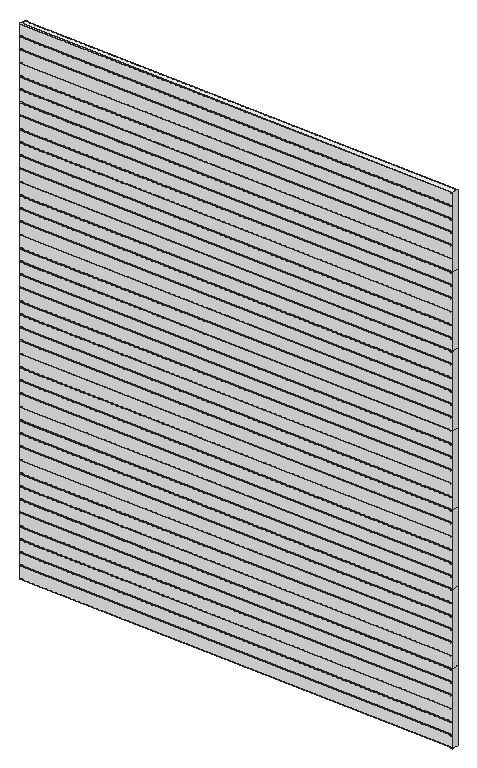
Revit family "3717-1Basic", category Doors, host Wall, Revit 2024
Family settings
  Host = Wall
  OmniClass Number = 23.30.10.17.37.14
  OmniClass Title = Sectional Overhead Doors
  Always vertical = Yes
  Cut with Voids When Loaded = No
  Shared = No
  Room Calculation Point = No
Parameters (values of type "By Type")
  Windload = "Doors available rated for various design pressures; consult Clopay for avaialbility and specifications"
  VisSection6 = NumSections = 6  # no
  VisSection5 = NumSections > 4  # yes
  VisSection4 = NumSections > 3  # yes
  VisSection3 = NumSections > 2  # yes
  VisArray = NumSections > 6  # yes
  URL = "www.clopaydoor.com"
  Track = "Galvanized steel (gauge varies according to door size)"
  Thickness = 0' - 2"  # constant formula
  Spec Wizard = "http://www.arcat.com/specwizard/08360clo/index.htm"
  Section Height = Height / NumSections  # 2' - 0"
  Sales Information = "http://www.clopaydoor.com/where-to-buy.aspx?type=dealer"
  Rough Width = 0' - 0"  # constant formula
  Rough Height = 0' - 0"  # constant formula
  R-Value = "15.05"
  Product Features and Benefits = "http://www.clopaydoor.com/insulated-polyurethane-applications.aspx"
  Overlapping Jamb = yes
  Overlap = if(Overlapping Jamb, 0' 1", 0' 0")  # 0' - 1"
  Opening Width = 12' - 0"
  Opening Height = 14' - 0"
  Omniclass Table = "23-30 10 17 37 "
  NumSectionsNotRounded = Height / 2' 0"  # 7
  NumSections = NumSectionsNotRounded + 0.4999  # 7
  NumArraySections = if(NumSections > 6, NumSections - 5, 2)  # 2
  Model = "3717"
  Maximum Size = "Maximum 32' 2'' wide by 26' 0'' high. Additional limitations may apply do to door weight. Consult Clopay for specificiations and shop drawings."  # constant formula
  Manufacturer Website = "http://www.clopaydoor.com"
  Manufacturer Phone Number = "1-800-526-4301"
  Manufacturer Address = "1400 W. Market St., Troy, OH 45373"
  Manufacturer = "Clopay Building Products Company"
  LEED = "http://products.construction.com/swts_content_files/151607/303186.pdf"
  Keynote = "08 36 13"
  Interior Steel = "28 ga. galvanized, primed, and finish painted"
  Hardware = "14 ga. min. steel hinges; 10-ball steel rollers"
  GreenFormat = "http://www.greenformat.com/products/1536-Polyurethane%20Insulated%20Doors.rtf"
  Function = Interior
  Height = Opening Height + Rough Width * 0  # 14' - 0"
  Wall Closure = By host
  Width = Opening Width + Rough Width * 0  # 12' - 0"
  FloorToSection7 = 6 * Section Height  # 12' - 0"
  FloorToSection6 = 5 * Section Height  # 10' - 0"
  FloorToSection5 = 4 * Section Height  # 8' - 0"
  FloorToSection4 = 3 * Section Height  # 6' - 0"
  FloorToSection3 = 2 * Section Height  # 4' - 0"
  FloorToSection2 = Section Height  # 2' - 0"
  File Revision = "02 (August, 2012)"
  Exterior Steel = "27 ga. galvanized, primed, and finish painted"
  Double End Stiles = Door Width > 14' 2"  # no
  Door Width = Opening Width + Overlap * 2  # 12' - 2"
  Door Height = Opening Height + Rough Width * 0  # 14' - 0"
  Description = "1-3/4'' thick polyurethane insulated, stucco embossed 27 gauge steel exterior with light ribbed pattern."
  Core Material = "Expanded polyurethane"
  Copyright = "2010, Clopay Building Products Company, Inc."
  Color = White
  CAD and Specifications = "http://www.clopaydoor.com/insulated-polyurethane-specs.aspx"
  Assembly Code = "B2030410"
Reference planes (in)
  plane 1 "Center (Front/Back)": y = 0
  plane 2 "Center (Left/Right)": x = 0
  plane 3 "Left": x = -72
  plane 4 "Right": x = 72
  plane 5 "Top": z = 168
  plane 6 "Exterior": y = 3
  plane 7 "Interior": y = -3
  plane 8: z = 120
  plane 9: z = 144
Lines and regions (in)
  Opening 1
    outline origin (-90, -3, 0) x (1, 0, 0) y (0, 0, 1)
      loop
        line (18, 0) -> (162, 0) -> (162, 168) -> (18, 168) -> (18, 0)
Text (in)
  text "Exterior" at (-74.96733, 27.31104, 0), in view "Ref. Level"
  text "Interior" at (-74.96733, -25.14366, 0), in view "Ref. Level"
  text "Exterior" at (0, 40.15149, 123.01588), in view "Right"
  text "Interior" at (0, -64.39139, 123.01588), in view "Right"
  text "Interior" at (0, -31.01599, 123.00693), in view "Left"
  text "Exterior" at (0, 54.57065, 123.00693), in view "Left"
Dimensions and locks (in)
  equal spacing: plane 3 "Left", plane 2 "Center (Left/Right)", plane 4 "Right"
  "Height": level to plane 5 "Top"
  "Width": plane 3 "Left" to plane 4 "Right"
  host wall to plane 5 "Top" = 14' - 0"
  nested 1 to plane 7 "Interior" = 0' - 0 1/2"
  "FloorToSection6": plane 8 to level
  "FloorToSection7": plane 9 to level
  group 1 to group 2 = 0' - 0"  (x2)
  group 1 to group 2 = 2' - 0"
  host wall to host wall = 67' - 6"
  aligned and locked: plane 3 "Left" to Opening 1 sketch curve
  aligned and locked: plane 5 "Top" to Opening 1 sketch curve  (x2)
  aligned and locked: Opening 1 sketch curve to plane 4 "Right"
  aligned and locked: Opening 1 sketch curve to level
  aligned and locked: plane 6 "Exterior" to host wall
  aligned and locked: host wall to plane 7 "Interior"
  aligned and locked: plane 2 "Center (Left/Right)" to nested 2
  aligned and locked: plane 2 "Center (Left/Right)" to nested 3
  aligned and locked: plane 2 "Center (Left/Right)" to nested 4
  aligned and locked: plane 2 "Center (Left/Right)" to nested 5
  aligned and locked: plane 2 "Center (Left/Right)" to nested 7
  aligned and locked: nested 7 to plane 8
  aligned and locked: nested 8 to plane 9
  aligned and locked: plane 7 "Interior" to nested 2
  aligned and locked: plane 7 "Interior" to nested 7
  aligned and locked: host wall to nested 8
  aligned and locked: plane 7 "Interior" to nested 3
  aligned and locked: host wall to nested 3
  aligned and locked: plane 7 "Interior" to nested 1
  aligned and locked: nested 2 to host wall
  aligned and locked: plane 7 "Interior" to nested 6
  aligned and locked: plane 7 "Interior" to nested 5
  aligned and locked: host wall to nested 7
  aligned and locked: plane 7 "Interior" to nested 4
Nested families (in)
  nested 1: "Section" at (0, 0, 0), type "Solid"
  nested 2: "Section" at (0, 0, 24), built-in parameter 1001364 <- "Section Height", type "Solid"
  nested 3: "Section" at (0, 0, 48), built-in parameter 1001364 <- "FloorToSection3", visible <- "VisSection3", type "Solid"
  nested 4: "Section" at (0, 0, 120), built-in parameter 1001364 <- "FloorToSection6", visible <- "VisSection6", type "Solid"
  nested 5: "Section" at (0, 0, 96), built-in parameter 1001364 <- "FloorToSection5", visible <- "VisSection5", type "Solid"
  nested 6: "Section" at (0, 0, 72), built-in parameter 1001364 <- "FloorToSection4", visible <- "VisSection4", type "Solid"
  nested 7: "Section" at (0, 0, 120), visible <- "VisArray", type "Solid"
  nested 8: "Section" at (0, 0, 144), visible <- "VisArray", type "Solid"
Definition of nested family "Section"
  Parameters
    X9 = if(if(NumArrayedWindows < NumWindows, NumArrayedWindows + 1, NumWindows) < 9, X1, X8 + 3' 8")  # 1' - 5 1/2"
    X8 = if(if(NumArrayedWindows < NumWindows, NumArrayedWindows + 1, NumWindows) < 8, X1, X7 + 3' 8")  # 1' - 5 1/2"
    X7 = if(if(NumArrayedWindows < NumWindows, NumArrayedWindows + 1, NumWindows) < 7, X1, X6 + 3' 8")  # 1' - 5 1/2"
    X6 = if(if(NumArrayedWindows < NumWindows, NumArrayedWindows + 1, NumWindows) < 6, X1, X5 + 3' 8")  # 1' - 5 1/2"
    X5 = if(if(NumArrayedWindows < NumWindows, NumArrayedWindows + 1, NumWindows) < 5, X1, X4 + 3' 8")  # 1' - 5 1/2"
    X4 = if(if(NumArrayedWindows < NumWindows, NumArrayedWindows + 1, NumWindows) < 4, X1, X3 + 3' 8")  # 1' - 5 1/2"
    X3 = if(NumWindows < 3, X1, X2 + 3' 8")  # 8' - 9 1/2"
    X2 = if(NumWindows < 2, ((Door Width - (NumWindows - 1) * 3' 8") / 2 - Cutout Width / 2), ((Door Width - (NumWindows - 1) * 3' 8") / 2 - Cutout Width / 2) + 3' 8")  # 5' - 1 1/2"
    WindowVis = no
    WindowCutDepth = -0' - 0 13/128"
    Section Height = 2' - 0"
    RibSpacing = Section Height / (NumRibs + 1)  # 0' - 4"
    NumWindows = if(Door Width < 9' 4", 2, if(Door Width < 13' 4", 3, if(Door Width < 16' 4", 4, if(Door Width < 20' 4", 5, if(Door Width < 24' 4", 6, if(Door Width < 26' 4", 7, if(Door Width < 31' 8", 8, 10)))))))  # 3
    NumRibs = if(Section Height < 1' 9", 3, if(Section Height < 2' 0", 4, 5))  # 5
    NumArrayedWindows = if(X2 = X1, NumWindows - 2, NumWindows)  # 3
    Half Section Height = Section Height / 2  # 1' - 0"
    Half Door Width Neg = -Half Door Width  # -6' - 1"
    Half Door Width = Door Width / 2  # 6' - 1"
    Half Cutout Height = Cutout Height / 2  # 0' - 3 1/2"
    Function = (empty or 0)
    Height = 0' - 0"
    Wall Closure = (empty or 0)
    Width = 0' - 0"
    X1 = if(or(Door Width > 31' 6", and(Door Width > 26' 2", Door Width < 28' 1"), Door Width = 24' 3", Door Width = 24' 4", and(Door Width > 20' 2", Door Width < 20' 11"), and(Door Width > 16' 2", Door Width < 17' 3")), X2, (Door Width - (NumWindows - 1) * 3' 8") / 2 - Cutout Width / 2)  # 1' - 5 1/2"
    Door Width = 12' - 2"
    CutoutToCutout = 1' - 0"
    Cutout Width = 1' - 11"
    Cutout Height = 0' - 7"
    Color = none
    BtmTo1stRib = RibSpacing  # 0' - 4"
    Assembly Code = ""
  Reference planes (in)
    plane 1 "Center (Front/Back)": y = 0
    plane 2 "Center (Left/Right)": x = 0
    plane 3 "Exterior": y = 3
    plane 4 "Interior": y = -3
    plane 5: y = -3.5
    plane 6: x = 73
    plane 7: x = -73
    plane 8: z = 4
    plane 9: z = 8
    plane 10: z = 24
    plane 11: z = 12
    plane 12: z = 0
  Forms (in)
    Extrusion 1, solid, material <- "Color"
      sketch origin (-73, -12, 83.08252) x (0, 0, 1) y (0, -1, 0)
        loop
          line (-59.08252, -8.37573) -> (-59.08252, -6.62444)
          arc (-59.08252, -6.62444) -> (-59.11897, -6.53645) -> (-59.20696, -6.5) r 0.12444
          line (-59.20696, -6.5) -> (-82.95809, -6.5)
          arc (-82.95809, -6.5) -> (-83.04608, -6.53645) -> (-83.08252, -6.62444) r 0.12444
          line (-83.08252, -6.62444) -> (-83.08252, -8.37573)
          arc (-83.08252, -8.37573) -> (-83.04612, -8.4636) -> (-82.95825, -8.5) r 0.12427
          line (-82.95825, -8.5) -> (-59.20679, -8.5)
          arc (-59.20679, -8.5) -> (-59.11892, -8.4636) -> (-59.08252, -8.37573) r 0.12427
      from 0 to 146 <- "Door Width"
    Extrusion 2, void
      sketch origin (0, 0, -0.5) x (0, -1, 0) y (0, 0, 1)
        loop
          line (3.5, 4.62727) -> (3.5, 4.37273) -> (3.53032, 4.41942)
          arc (3.53032, 4.41942) -> (3.53753, 4.43506) -> (3.54, 4.4521) r 0.06
          line (3.54, 4.4521) -> (3.54, 4.5479)
          arc (3.54, 4.5479) -> (3.53753, 4.56494) -> (3.53032, 4.58058) r 0.06
          line (3.53032, 4.58058) -> (3.5, 4.62727)
      from -73 <- "Half Door Width Neg" to 146 <- "Door Width"
    Extrusion 3, void
      sketch origin (0, 0, 3.5) x (0, -1, 0) y (0, 0, 1)
        loop
          line (3.5, 4.62727) -> (3.5, 4.37273) -> (3.53032, 4.41942)
          arc (3.53032, 4.41942) -> (3.53753, 4.43506) -> (3.54, 4.4521) r 0.06
          line (3.54, 4.4521) -> (3.54, 4.5479)
          arc (3.54, 4.5479) -> (3.53753, 4.56494) -> (3.53032, 4.58058) r 0.06
          line (3.53032, 4.58058) -> (3.5, 4.62727)
      from -73 <- "Half Door Width Neg" to 146 <- "Door Width"
    Extrusion 4, void
      sketch origin (0, 0, 7.5) x (0, -1, 0) y (0, 0, 1)
        loop
          line (3.5, 4.62727) -> (3.5, 4.37273) -> (3.53032, 4.41942)
          arc (3.53032, 4.41942) -> (3.53753, 4.43506) -> (3.54, 4.4521) r 0.06
          line (3.54, 4.4521) -> (3.54, 4.5479)
          arc (3.54, 4.5479) -> (3.53753, 4.56494) -> (3.53032, 4.58058) r 0.06
          line (3.53032, 4.58058) -> (3.5, 4.62727)
      from -73 <- "Half Door Width Neg" to 146 <- "Door Width"
    Extrusion 5, void
      sketch origin (0, -8.99984, -0.5) x (0, 1, 0) y (0, 0, -1)
        loop
          line (3.5, -4.62727) -> (3.53032, -4.58058)
          arc (3.53032, -4.58058) -> (3.53753, -4.56494) -> (3.54, -4.5479) r 0.06
          line (3.54, -4.5479) -> (3.54, -4.4521)
          arc (3.54, -4.4521) -> (3.53753, -4.43506) -> (3.53032, -4.41942) r 0.06
          line (3.53032, -4.41942) -> (3.5, -4.37273) -> (3.5, -4.62727)
      from -73 <- "Half Door Width Neg" to 146 <- "Door Width"
    Extrusion 6, void
      sketch origin (0, -8.99984, 3.5) x (0, 1, 0) y (0, 0, -1)
        loop
          line (3.5, -4.62727) -> (3.53032, -4.58058)
          arc (3.53032, -4.58058) -> (3.53753, -4.56494) -> (3.54, -4.5479) r 0.06
          line (3.54, -4.5479) -> (3.54, -4.4521)
          arc (3.54, -4.4521) -> (3.53753, -4.43506) -> (3.53032, -4.41942) r 0.06
          line (3.53032, -4.41942) -> (3.5, -4.37273) -> (3.5, -4.62727)
      from -73 <- "Half Door Width Neg" to 146 <- "Door Width"
    Extrusion 7, void
      sketch origin (0, -8.99984, 7.5) x (0, 1, 0) y (0, 0, -1)
        loop
          line (3.5, -4.62727) -> (3.53032, -4.58058)
          arc (3.53032, -4.58058) -> (3.53753, -4.56494) -> (3.54, -4.5479) r 0.06
          line (3.54, -4.5479) -> (3.54, -4.4521)
          arc (3.54, -4.4521) -> (3.53753, -4.43506) -> (3.53032, -4.41942) r 0.06
          line (3.53032, -4.41942) -> (3.5, -4.37273) -> (3.5, -4.62727)
      from -73 <- "Half Door Width Neg" to 146 <- "Door Width"
    Extrusion 8, void
      sketch origin (0, 0, 11.5) x (0, -1, 0) y (0, 0, 1)
        loop
          line (3.5, 4.62727) -> (3.5, 4.37273) -> (3.53032, 4.41942)
          arc (3.53032, 4.41942) -> (3.53753, 4.43506) -> (3.54, 4.4521) r 0.06
          line (3.54, 4.4521) -> (3.54, 4.5479)
          arc (3.54, 4.5479) -> (3.53753, 4.56494) -> (3.53032, 4.58058) r 0.06
          line (3.53032, 4.58058) -> (3.5, 4.62727)
      from -73 <- "Half Door Width Neg" to 146 <- "Door Width"
    Extrusion 9, void
      sketch origin (0, -8.99984, 11.5) x (0, 1, 0) y (0, 0, -1)
        loop
          line (3.5, -4.62727) -> (3.53032, -4.58058)
          arc (3.53032, -4.58058) -> (3.53753, -4.56494) -> (3.54, -4.5479) r 0.06
          line (3.54, -4.5479) -> (3.54, -4.4521)
          arc (3.54, -4.4521) -> (3.53753, -4.43506) -> (3.53032, -4.41942) r 0.06
          line (3.53032, -4.41942) -> (3.5, -4.37273) -> (3.5, -4.62727)
      from -73 <- "Half Door Width Neg" to 146 <- "Door Width"
    Extrusion 10, void
      sketch origin (0, 0, 15.5) x (0, -1, 0) y (0, 0, 1)
        loop
          line (3.5, 4.62727) -> (3.5, 4.37273) -> (3.53032, 4.41942)
          arc (3.53032, 4.41942) -> (3.53753, 4.43506) -> (3.54, 4.4521) r 0.06
          line (3.54, 4.4521) -> (3.54, 4.5479)
          arc (3.54, 4.5479) -> (3.53753, 4.56494) -> (3.53032, 4.58058) r 0.06
          line (3.53032, 4.58058) -> (3.5, 4.62727)
      from -73 <- "Half Door Width Neg" to 146 <- "Door Width"
    Extrusion 11, void
      sketch origin (0, -8.99984, 15.5) x (0, 1, 0) y (0, 0, -1)
        loop
          line (3.5, -4.62727) -> (3.53032, -4.58058)
          arc (3.53032, -4.58058) -> (3.53753, -4.56494) -> (3.54, -4.5479) r 0.06
          line (3.54, -4.5479) -> (3.54, -4.4521)
          arc (3.54, -4.4521) -> (3.53753, -4.43506) -> (3.53032, -4.41942) r 0.06
          line (3.53032, -4.41942) -> (3.5, -4.37273) -> (3.5, -4.62727)
      from -73 <- "Half Door Width Neg" to 146 <- "Door Width"
  Cuts and joins
    Extrusion 2, Extrusion 3, Extrusion 4, Extrusion 5, Extrusion 6, Extrusion 7, Extrusion 8, Extrusion 9, Extrusion 10, Extrusion 11 cuts Extrusion 1
  Lines and regions (in)
    reference lines
      curve 1: line (-72, -3.54, 4) -> (-72, -3.5, 4)
      curve 2: line (-72, -5.45984, 4) -> (-72, -5.49984, 4)
      curve 3: line (-72, -3.54, 8) -> (-72, -3.5, 8)
      curve 4: line (-72, -3.54, 12) -> (-72, -3.5, 12)
      curve 5: line (-72, -5.45984, 4) -> (-72, -5.49984, 4)
      curve 6: line (-72, -5.45984, 8) -> (-72, -5.49984, 8)
      curve 7: line (-72, -5.45984, 12) -> (-72, -5.49984, 12)
      curve 8: line (-72, -3.54, 16) -> (-72, -3.5, 16)
      curve 9: line (-72, -5.45984, 16) -> (-72, -5.49984, 16)
      curve 10: line (-72, -3.54, 20) -> (-72, -3.5, 20)
      curve 11: line (-72, -5.45984, 20) -> (-72, -5.49984, 20)
  Text (in)
    text "Exterior" at (-74.96733, 27.31104, 0), in view "Ref. Level"
    text "Interior" at (-74.96733, -25.14366, 0), in view "Ref. Level"
    text "Exterior" at (0, 40.15149, 123.01588), in view "Right"
    text "Interior" at (0, -64.39139, 123.01588), in view "Right"
    text "Interior" at (0, -31.01599, 123.00693), in view "Left"
    text "Exterior" at (0, 54.57065, 123.00693), in view "Left"
  Dimensions and locks (in)
    plane 4 "Interior" to plane 5 = 0' - 0 1/2"
    "Half Door Width": plane 2 "Center (Left/Right)" to plane 7
    "Half Door Width": plane 6 to plane 2 "Center (Left/Right)"
    Extrusion 1 sketch curve to Extrusion 1 sketch curve = 0' - 2"
    Extrusion 2 sketch curve to Extrusion 2 sketch curve = 0' - 0.25454"
    Extrusion 2 sketch curve to Extrusion 2 sketch curve = 0' - 0.04"  (x2)
    "BtmTo1stRib": plane 8 to level
    curve 1 to Extrusion 2 sketch curve = 0' - 0.12727"
    "RibSpacing": plane 9 to plane 8
    "Section Height": plane 10 to level
    Extrusion 3 sketch curve to Extrusion 3 sketch curve = 0' - 0.25454"
    Extrusion 3 sketch curve to Extrusion 3 sketch curve = 0' - 0.04"  (x2)
    curve 3 to Extrusion 3 sketch curve = 0' - 0.12727"
    equal spacing: group 1, group 2, group 3, group 4, group 5  (x3)
    Extrusion 4 sketch curve to Extrusion 4 sketch curve = 0' - 0.25454"
    Extrusion 4 sketch curve to Extrusion 4 sketch curve = 0' - 0.04"  (x2)
    curve 4 to Extrusion 4 sketch curve = 0' - 0.12727"
    Extrusion 5 sketch curve to Extrusion 5 sketch curve = 0' - 0.25454"
    Extrusion 5 sketch curve to Extrusion 5 sketch curve = 0' - 0.04"  (x2)
    Extrusion 5 sketch curve to curve 5 = 0' - 0.12727"
    Extrusion 6 sketch curve to Extrusion 6 sketch curve = 0' - 0.25454"
    Extrusion 6 sketch curve to Extrusion 6 sketch curve = 0' - 0.04"  (x2)
    Extrusion 6 sketch curve to curve 6 = 0' - 0.12727"
    Extrusion 7 sketch curve to Extrusion 7 sketch curve = 0' - 0.25454"
    Extrusion 7 sketch curve to Extrusion 7 sketch curve = 0' - 0.04"  (x2)
    Extrusion 7 sketch curve to curve 7 = 0' - 0.12727"
    "Half Section Height": level to plane 11
    Extrusion 8 sketch curve to Extrusion 8 sketch curve = 0' - 0.25454"
    Extrusion 8 sketch curve to Extrusion 8 sketch curve = 0' - 0.04"  (x2)
    curve 8 to Extrusion 8 sketch curve = 0' - 0.12727"
    Extrusion 9 sketch curve to Extrusion 9 sketch curve = 0' - 0.25454"
    Extrusion 9 sketch curve to Extrusion 9 sketch curve = 0' - 0.04"  (x2)
    Extrusion 9 sketch curve to curve 9 = 0' - 0.12727"
    Extrusion 10 sketch curve to Extrusion 10 sketch curve = 0' - 0.25454"
    Extrusion 10 sketch curve to Extrusion 10 sketch curve = 0' - 0.04"  (x2)
    curve 10 to Extrusion 10 sketch curve = 0' - 0.12727"
    Extrusion 11 sketch curve to Extrusion 11 sketch curve = 0' - 0.25454"
    Extrusion 11 sketch curve to Extrusion 11 sketch curve = 0' - 0.04"  (x2)
    Extrusion 11 sketch curve to curve 11 = 0' - 0.12727"
    locked: plane 4 "Interior" to cut or joined group 1 (Extrusion 1, Extrusion 2, Extrusion 3, Extrusion 4, Extrusion 5, Extrusion 6, Extrusion 7, Extrusion 8, Extrusion 9, Extrusion 10, Extrusion 11) at 0.5
    radius of Extrusion 1 sketch curve = 0' - 0.12427"  (x2)
    radius of Extrusion 1 sketch curve = 0' - 0.12444"  (x2)
    angle Extrusion 2 sketch curve to Extrusion 2 sketch curve = 147.00°  (x2)
    angle Extrusion 3 sketch curve to Extrusion 3 sketch curve = 147.00°  (x2)
    angle Extrusion 4 sketch curve to Extrusion 4 sketch curve = 147.00°  (x2)
    angle Extrusion 5 sketch curve to Extrusion 5 sketch curve = 147.00°  (x2)
    angle Extrusion 6 sketch curve to Extrusion 6 sketch curve = 147.00°  (x2)
    angle Extrusion 7 sketch curve to Extrusion 7 sketch curve = 147.00°  (x2)
    angle Extrusion 8 sketch curve to Extrusion 8 sketch curve = 147.00°  (x2)
    angle Extrusion 9 sketch curve to Extrusion 9 sketch curve = 147.00°  (x2)
    angle Extrusion 10 sketch curve to Extrusion 10 sketch curve = 147.00°  (x2)
    angle Extrusion 11 sketch curve to Extrusion 11 sketch curve = 147.00°  (x2)
    aligned and locked: Extrusion 1 sketch curve to plane 5
    aligned and locked: plane 8 to curve 1
    aligned and locked: plane 9 to curve 3
    aligned: cut or joined group 1 to cut or joined group 1  (x9)
    aligned and locked: plane 12 to level
  Automatic sketch dimensions
    curve 2 to curve 1 = 0' - 1.91984"
    curve 1 to curve 1 = 0' - 0.04"  (x2)
    curve 1 to curve 2 = 0' - 1.91984"
    curve 2 to curve 2 = 0' - 0.04"  (x2)
    Extrusion 2 sketch curve to Extrusion 2 sketch curve = 0' - 0"
    Extrusion 2 sketch curve to Extrusion 2 sketch curve = 0' - 0.02"
    Extrusion 2 sketch curve to Extrusion 2 sketch curve = 0' - 0.00968"  (x2)
    curve 5 to curve 1 = 0' - 0"
    curve 1 to curve 5 = 0' - 1.91984"
    curve 5 to curve 5 = 0' - 0.04"
    Extrusion 5 sketch curve to Extrusion 5 sketch curve = 0' - 0"
    Extrusion 5 sketch curve to Extrusion 5 sketch curve = 0' - 0.02"
    Extrusion 5 sketch curve to Extrusion 5 sketch curve = 0' - 0.00968"  (x2)
    Extrusion 3 sketch curve to Extrusion 3 sketch curve = 0' - 0"
    Extrusion 3 sketch curve to Extrusion 3 sketch curve = 0' - 0.02"
    Extrusion 3 sketch curve to Extrusion 3 sketch curve = 0' - 0.00968"  (x2)
    curve 6 to curve 3 = 0' - 0"
    curve 3 to curve 3 = 0' - 0.04"
    curve 3 to curve 6 = 0' - 1.91984"
    curve 6 to curve 6 = 0' - 0.04"
    Extrusion 4 sketch curve to Extrusion 4 sketch curve = 0' - 0"
    Extrusion 4 sketch curve to Extrusion 4 sketch curve = 0' - 0.02"
    Extrusion 4 sketch curve to Extrusion 4 sketch curve = 0' - 0.00968"  (x2)
    curve 7 to curve 4 = 0' - 0"
    curve 4 to curve 4 = 0' - 0.04"
    curve 4 to curve 7 = 0' - 1.91984"
    curve 7 to curve 7 = 0' - 0.04"
    Extrusion 7 sketch curve to Extrusion 7 sketch curve = 0' - 0.00968"
    Extrusion 6 sketch curve to Extrusion 6 sketch curve = 0' - 0.00968"
    curve 2 to plane 8 = 0' - 0"
    curve 2 to plane 5 = 0' - 1.95984"
    Extrusion 1 sketch curve to plane 10 = 0' - 0"
    Extrusion 1 sketch curve to level = 0' - 0"
    Extrusion 8 sketch curve to Extrusion 8 sketch curve = 0' - 0"
    Extrusion 8 sketch curve to Extrusion 8 sketch curve = 0' - 0.02"
    Extrusion 8 sketch curve to Extrusion 8 sketch curve = 0' - 0.00968"  (x2)
    curve 9 to curve 8 = 0' - 0"
    curve 8 to curve 8 = 0' - 0.04"
    curve 8 to curve 9 = 0' - 1.91984"
    curve 9 to curve 9 = 0' - 0.04"
    Extrusion 9 sketch curve to Extrusion 9 sketch curve = 0' - 0"
    Extrusion 9 sketch curve to Extrusion 9 sketch curve = 0' - 0.02"
    Extrusion 9 sketch curve to Extrusion 9 sketch curve = 0' - 0.00968"  (x2)
    Extrusion 10 sketch curve to Extrusion 10 sketch curve = 0' - 0"
    Extrusion 10 sketch curve to Extrusion 10 sketch curve = 0' - 0.02"
    Extrusion 10 sketch curve to Extrusion 10 sketch curve = 0' - 0.00968"  (x2)
    curve 11 to curve 10 = 0' - 0"
    curve 10 to curve 10 = 0' - 0.04"
    curve 10 to curve 11 = 0' - 1.91984"
    curve 11 to curve 11 = 0' - 0.04"
    Extrusion 11 sketch curve to Extrusion 11 sketch curve = 0' - 0"
    Extrusion 11 sketch curve to Extrusion 11 sketch curve = 0' - 0.02"
    Extrusion 11 sketch curve to Extrusion 11 sketch curve = 0' - 0.00968"  (x2)
